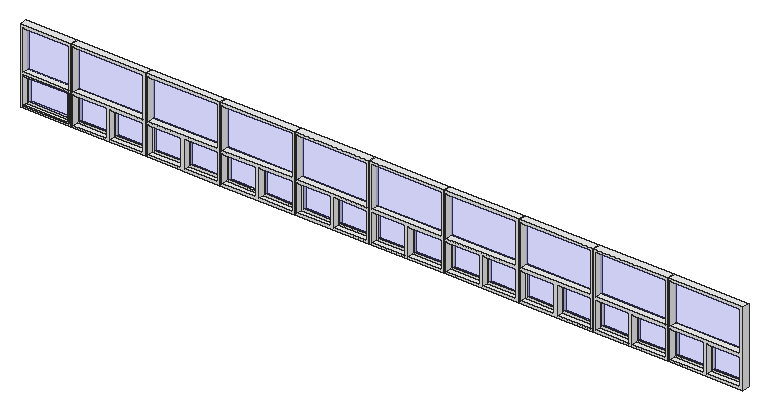
Revit family
Parameters
  창 두께 = 150 mm
  창 패널 = AW20 창 패널
  창 프레임 = AW20 창 프레임
  길이 1 = (Width - 1015 mm) / 9  # 1500 mm
  Height = 1500 mm
  절반 창 두께 = 창 두께 / 2  # 75 mm
  기본 씰 높이 = 900 mm
  Wall Closure = (empty or 0)
  Width = 14515 mm
Reference planes
  plane 1: y = 0
  plane 2 "중심(왼쪽/오른쪽)": x = 0
  plane 3 "왼쪽": x = -7257.5
  plane 4 "오른쪽": x = 7257.5
  plane 5 "씰": z = 900
  plane 6 "헤드": z = 2400
  plane 7 "외부": y = 100
  plane 8 "내부": y = -100
  plane 9: y = 75
  plane 10: y = -75
  plane 11: y = 35
  plane 12: x = -7212.5
  plane 13: x = 7212.5
  plane 14: x = -7202.5
  plane 15: x = 7202.5
  plane 16: z = 1500
  plane 17: z = 1490
  plane 18: z = 1545
  plane 19: y = 55
  plane 20: y = 66
  plane 21: y = 44
  plane 22: y = -11
  plane 23: y = 11
  plane 24: x = -4742.5
  plane 25: x = 5757.5
  plane 26: x = -4775
  plane 27: x = -4710
  plane 28: x = -4765
  plane 29: x = -4720
  plane 30: x = 5725
  plane 31: x = 5790
  plane 32: x = 5735
  plane 33: x = 5780
  plane 34: x = 6507.5
  plane 35: x = -6242.5
  plane 36: x = -6275
  plane 37: x = -6210
  plane 38: x = -6265
  plane 39: x = -6220
  plane 40: x = 6475
  plane 41: x = 6540
  plane 42: x = 6485
  plane 43: x = 6530
  plane 44: x = 6882.5
  plane 45: x = 6132.5
  plane 46: x = -5492.5
  plane 47: x = -6750
  plane 48: x = -3242.5
  plane 49: x = 4257.5
  plane 50: x = -3992.5
  plane 51: x = 5007.5
  plane 52: x = -4025
  plane 53: x = -3960
  plane 54: x = -4015
  plane 55: x = -3970
  plane 56: x = -3275
  plane 57: x = -3210
  plane 58: x = -3265
  plane 59: x = -3220
  plane 60: x = 4225
  plane 61: x = 4290
  plane 62: x = 4235
  plane 63: x = 4280
  plane 64: x = 4975
  plane 65: x = 5040
  plane 66: x = 4985
  plane 67: x = 5030
  plane 68: x = 5382.5
  plane 69: x = 4632.5
  plane 70: x = -3617.5
  plane 71: x = -4367.5
  plane 72: x = -1742.5
  plane 73: x = -242.5
  plane 74: x = 1257.5
  plane 75: x = 2757.5
  plane 76: x = -2492.5
  plane 77: x = -992.5
  plane 78: x = 507.5
  plane 79: x = 2007.5
  plane 80: x = 3507.5
  plane 81: x = -2525
  plane 82: x = -2460
  plane 83: x = -2515
  plane 84: x = -2470
  plane 85: x = -1775
  plane 86: x = -1710
  plane 87: x = -1765
  plane 88: x = -1720
  plane 89: x = -1025
  plane 90: x = -960
  plane 91: x = -1015
  plane 92: x = -970
  plane 93: x = -275
  plane 94: x = -210
  plane 95: x = -265
  plane 96: x = -220
  plane 97: x = 540
  plane 98: x = 475
  plane 99: x = 485
  plane 100: x = 530
  plane 101: x = 1225
  plane 102: x = 1290
  plane 103: x = 1235
  plane 104: x = 1280
  plane 105: x = 1975
  plane 106: x = 2040
  plane 107: x = 1985
  plane 108: x = 2030
  plane 109: x = 2725
  plane 110: x = 2790
  plane 111: x = 2735
  plane 112: x = 2780
  plane 113: x = 3475
  plane 114: x = 3540
  plane 115: x = 3485
  plane 116: x = 3530
  plane 117: x = 3882.5
  plane 118: x = 3132.5
  plane 119: x = 2382.5
  plane 120: x = 1632.5
  plane 121: x = 882.5
  plane 122: x = 132.5
  plane 123: x = -617.5
  plane 124: x = -1367.5
  plane 125: x = -2117.5
  plane 126: x = -2867.5
  plane 127: x = -5525
  plane 128: x = -5460
  plane 129: x = -5515
  plane 130: x = -5470
Lines and regions (mm)
  symbolic lines, style "입면도 스윙"
    curve 1: line (22.5, 75, 945) -> (-32.5, 75, 945)
  symbolic lines
    curve 2: line (-7257.5, 100, 0) -> (-7257.5, -100, 0)
    curve 3: line (7257.5, 100, 0) -> (7257.5, -100, 0)
    curve 4: line (-7257.5, 75, 0) -> (7257.5, 75, 0)
    curve 5: line (-7257.5, -75, 0) -> (7257.5, -75, 0)
    curve 6: line (-7257.5, 0, 0) -> (-6287.5, 0, 0)
    curve 7: line (-6287.5, 75, 0) -> (-6287.5, -75, 0)
    curve 8: line (-6197.5, 75, 0) -> (-6197.5, -75, 0)
    curve 9: line (-6197.5, 0, 0) -> (-4787.5, 0, 0)
    curve 10: line (-4787.5, 75, 0) -> (-4787.5, -75, 0)
    curve 11: line (-4697.5, 75, 0) -> (-4697.5, -75, 0)
    curve 12: line (-4697.5, 0, 0) -> (-3287.5, 0, 0)
    curve 13: line (-3287.5, 75, 0) -> (-3287.5, -75, 0)
    curve 14: line (-3197.5, 75, 0) -> (-3197.5, -75, 0)
    curve 15: line (-3197.5, 0, 0) -> (-1787.5, 0, 0)
    curve 16: line (-1787.5, 75, 0) -> (-1787.5, -75, 0)
    curve 17: line (-1697.5, 75, 0) -> (-1697.5, -75, 0)
    curve 18: line (-1697.5, 0, 0) -> (-287.5, 0, 0)
    curve 19: line (-287.5, 75, 0) -> (-287.5, -75, 0)
    curve 20: line (-197.5, 75, 0) -> (-197.5, -75, 0)
    curve 21: line (-197.5, 0, 0) -> (1212.5, 0, 0)
    curve 22: line (1212.5, 75, 0) -> (1212.5, -75, 0)
    curve 23: line (1302.5, 75, 0) -> (1302.5, -75, 0)
    curve 24: line (1302.5, 0, 0) -> (2712.5, 0, 0)
    curve 25: line (2712.5, 75, 0) -> (2712.5, -75, 0)
    curve 26: line (2802.5, 75, 0) -> (2802.5, -75, 0)
    curve 27: line (2802.5, 0, 0) -> (4212.5, 0, 0)
    curve 28: line (4212.5, 75, 0) -> (4212.5, -75, 0)
    curve 29: line (4302.5, 75, 0) -> (4302.5, -75, 0)
    curve 30: line (4302.5, 0, 0) -> (5712.5, 0, 0)
    curve 31: line (5712.5, 75, 0) -> (5712.5, -75, 0)
    curve 32: line (5802.5, 75, 0) -> (5802.5, -75, 0)
    curve 33: line (5802.5, 0, 0) -> (7257.5, 0, 0)
Text (mm)
  text "외부" at (-1963.203, 1332.353, 0), in view "참조 레벨"
  text "내부" at (-1981.466, -818.386, 0), in view "참조 레벨"
  text "외부" at (0, 923.751, 2943.296), in view "오른쪽"
  text "외부" at (0, 1040.484, 2685.409), in view "왼쪽"
Dimensions and locks
  equal spacing: plane 3 "왼쪽", plane 2 "중심(왼쪽/오른쪽)", plane 4 "오른쪽"
  "Width": plane 3 "왼쪽" to plane 4 "오른쪽"
  "Height": plane 5 "씰" to plane 6 "헤드"
  "기본 씰 높이": plane 5 "씰" to level
  locked: plane 7 "외부" to host wall at 0
  locked: plane 8 "내부" to host wall
  plane 17 to plane 16 to plane 18 = 10 mm locked, 45 mm locked
  plane 9 to plane 19 to plane 11 = 20 mm locked, 20 mm locked
  plane 20 to plane 19 to plane 21 = 11 mm locked, 11 mm locked
  plane 23 to host wall to plane 22 = 11 mm locked, 11 mm locked
  plane 3 "왼쪽" to plane 12 to plane 14 = 45 mm locked, 10 mm locked
  plane 15 to plane 13 to plane 4 "오른쪽" = 10 mm locked, 45 mm locked
  locked: plane 5 "씰" to plane 16 at 600
  plane 26 to plane 28 to plane 24 to plane 29 to plane 27 = 10 mm locked, 22.5 mm locked, 22.5 mm locked, 10 mm locked
  plane 30 to plane 32 to plane 25 to plane 33 to plane 31 = 10 mm locked, 22.5 mm locked, 22.5 mm locked, 10 mm locked
  equal spacing: plane 25, plane 34, plane 4 "오른쪽"
  plane 36 to plane 38 to plane 35 to plane 39 to plane 37 = 10 mm locked, 22.5 mm locked, 22.5 mm locked, 10 mm locked
  plane 40 to plane 42 to plane 34 to plane 43 to plane 41 = 10 mm locked, 22.5 mm locked, 22.5 mm locked, 10 mm locked
  equal spacing: plane 34, plane 44, plane 4 "오른쪽"
  equal spacing: plane 34, plane 45, plane 25
  equal spacing: plane 35, plane 46, plane 24
  equal spacing: plane 35, plane 47, plane 3 "왼쪽"
  plane 52 to plane 54 to plane 50 to plane 55 to plane 53 = 10 mm locked, 22.5 mm locked, 22.5 mm locked, 10 mm locked
  plane 56 to plane 58 to plane 48 to plane 59 to plane 57 = 10 mm locked, 22.5 mm locked, 22.5 mm locked, 10 mm locked
  plane 60 to plane 62 to plane 49 to plane 63 to plane 61 = 10 mm locked, 22.5 mm locked, 22.5 mm locked, 10 mm locked
  plane 64 to plane 66 to plane 51 to plane 67 to plane 65 = 10 mm locked, 22.5 mm locked, 22.5 mm locked, 10 mm locked
  equal spacing: plane 51, plane 68, plane 25
  equal spacing: plane 49, plane 69, plane 51
  equal spacing: plane 50, plane 70, plane 48
  equal spacing: plane 24, plane 71, plane 50
  equal spacing: plane 49, plane 51, plane 25
  equal spacing: plane 24, plane 50, plane 48
  equal spacing: plane 48, plane 76, plane 72
  equal spacing: plane 72, plane 77, plane 73
  equal spacing: plane 73, plane 78, plane 74
  equal spacing: plane 74, plane 79, plane 75
  equal spacing: plane 75, plane 80, plane 49
  plane 81 to plane 83 to plane 76 to plane 84 to plane 82 = 10 mm locked, 22.5 mm locked, 22.5 mm locked, 10 mm locked
  plane 85 to plane 87 to plane 72 to plane 88 to plane 86 = 10 mm locked, 22.5 mm locked, 22.5 mm locked, 10 mm locked
  plane 89 to plane 91 to plane 77 to plane 92 to plane 90 = 10 mm locked, 22.5 mm locked, 22.5 mm locked, 10 mm locked
  plane 93 to plane 95 to plane 73 to plane 96 to plane 94 = 10 mm locked, 22.5 mm locked, 22.5 mm locked, 10 mm locked
  plane 98 to plane 99 to plane 78 to plane 100 to plane 97 = 10 mm locked, 22.5 mm locked, 22.5 mm locked, 10 mm locked
  plane 101 to plane 103 to plane 74 to plane 104 to plane 102 = 10 mm locked, 22.5 mm locked, 22.5 mm locked, 10 mm locked
  plane 105 to plane 107 to plane 79 to plane 108 to plane 106 = 10 mm locked, 22.5 mm locked, 22.5 mm locked, 10 mm locked
  plane 109 to plane 111 to plane 75 to plane 112 to plane 110 = 10 mm locked, 22.5 mm locked, 22.5 mm locked, 10 mm locked
  plane 113 to plane 115 to plane 80 to plane 116 to plane 114 = 10 mm locked, 22.5 mm locked, 22.5 mm locked, 10 mm locked
  equal spacing: plane 80, plane 117, plane 49
  equal spacing: plane 75, plane 118, plane 80
  equal spacing: plane 79, plane 119, plane 75
  equal spacing: plane 74, plane 120, plane 79
  equal spacing: plane 78, plane 121, plane 74
  equal spacing: plane 73, plane 122, plane 78
  equal spacing: plane 77, plane 123, plane 73
  equal spacing: plane 72, plane 124, plane 77
  equal spacing: plane 76, plane 125, plane 72
  equal spacing: plane 48, plane 126, plane 76
  plane 25 to plane 4 "오른쪽" = 1500 mm
  plane 49 to plane 25 = 1500 mm
  plane 75 to plane 49 = 1500 mm
  plane 74 to plane 75 = 1500 mm
  plane 73 to plane 74 = 1500 mm
  plane 72 to plane 73 = 1500 mm
  plane 48 to plane 72 = 1500 mm
  plane 24 to plane 48 = 1500 mm
  plane 35 to plane 24 = 1500 mm
  plane 3 "왼쪽" to plane 35 = 1015 mm
  plane 3 "왼쪽" to plane 35 to plane 46 to plane 24 to plane 50 to plane 48 to plane 76 to plane 72 to plane 77 to plane 73 to plane 78 to plane 74 to plane 79 to plane 75 to plane 80 to plane 49 to plane 51 to plane 25 to plane 34 to plane 4 "오른쪽" = 1015 mm, 750 mm, 750 mm, 750 mm, 750 mm, 750 mm, 750 mm, 750 mm, 750 mm, 750 mm, 750 mm, 750 mm, 750 mm, 750 mm, 750 mm, 750 mm, 750 mm, 750 mm, 750 mm
  plane 127 to plane 129 to plane 46 to plane 130 to plane 128 = 10 mm locked, 22.5 mm locked, 22.5 mm locked, 10 mm locked
  "절반 창 두께": plane 9 to host wall
  "절반 창 두께": host wall to plane 10
  aligned and locked: plane 5 "씰" to nested 1
  aligned and locked: nested 1 to nested 2
  aligned and locked: plane 5 "씰" to nested 2
  aligned and locked: nested 2 to nested 3
  aligned and locked: plane 5 "씰" to nested 3
  aligned and locked: nested 3 to nested 4
  aligned and locked: nested 4 to plane 5 "씰"
  aligned and locked: nested 4 to nested 5
  aligned and locked: nested 5 to plane 5 "씰"
  aligned and locked: nested 6 to plane 5 "씰"
  aligned and locked: nested 5 to nested 6
  aligned and locked: nested 7 to plane 5 "씰"
  aligned and locked: nested 6 to nested 7
  aligned and locked: nested 7 to nested 8
  aligned and locked: nested 8 to plane 5 "씰"
  aligned and locked: nested 9 to plane 5 "씰"
  aligned and locked: nested 8 to nested 9
  aligned and locked: nested 10 to plane 5 "씰"
  aligned and locked: nested 9 to nested 10
  aligned and locked: curve 2 to plane 7 "외부"
  aligned and locked: curve 2 to plane 8 "내부"
  aligned and locked: curve 2 to nested 10
  aligned and locked: plane 7 "외부" to curve 3
  aligned and locked: plane 8 "내부" to curve 3
  aligned and locked: curve 3 to nested 1
  aligned and locked: nested 10 to curve 4
  aligned and locked: nested 10 to curve 6
  aligned and locked: host wall to curve 6
  aligned and locked: plane 9 to curve 7
  aligned and locked: plane 10 to curve 7
  aligned and locked: nested 10 to curve 7
  aligned and locked: plane 9 to curve 8
  aligned and locked: plane 10 to curve 8
  aligned and locked: nested 9 to curve 8
  aligned and locked: curve 8 to curve 9
  aligned and locked: nested 9 to curve 9
  aligned and locked: host wall to curve 9
  aligned and locked: nested 9 to curve 10
  aligned and locked: nested 8 to curve 11
  aligned and locked: curve 11 to curve 12
  aligned and locked: nested 8 to curve 12
  aligned and locked: host wall to curve 12
  aligned and locked: nested 8 to curve 13
  aligned and locked: nested 7 to curve 14
  aligned and locked: curve 14 to curve 15
  aligned and locked: nested 7 to curve 15
  aligned and locked: host wall to curve 15
  aligned and locked: nested 7 to curve 16
  aligned and locked: nested 6 to curve 17
  aligned and locked: curve 17 to curve 18
  aligned and locked: nested 6 to curve 18
  aligned and locked: host wall to curve 18
  aligned and locked: nested 6 to curve 19
  aligned and locked: nested 5 to curve 20
  aligned and locked: curve 20 to curve 21
  aligned and locked: host wall to curve 21
  aligned and locked: nested 5 to curve 21
  aligned and locked: nested 5 to curve 22
  aligned and locked: nested 4 to curve 23
  aligned and locked: curve 23 to curve 24
  aligned and locked: nested 4 to curve 24
  aligned and locked: host wall to curve 24
  aligned and locked: nested 4 to curve 25
  aligned and locked: nested 3 to curve 26
  aligned and locked: curve 26 to curve 27
  aligned and locked: nested 3 to curve 27
  aligned and locked: host wall to curve 27
  aligned and locked: nested 3 to curve 28
  aligned and locked: nested 2 to curve 29
  aligned and locked: curve 29 to curve 30
  aligned and locked: nested 2 to curve 30
  aligned and locked: host wall to curve 30
  aligned and locked: nested 2 to curve 31
  aligned and locked: nested 1 to curve 32
  aligned and locked: curve 32 to curve 33
  aligned and locked: nested 1 to curve 33
  aligned and locked: host wall to curve 33
Automatic sketch dimensions
  plane 2 "중심(왼쪽/오른쪽)" to curve 1 = 22.5 mm
  curve 1 to plane 2 "중심(왼쪽/오른쪽)" = 32.5 mm
  curve 1 to plane 5 "씰" = 45 mm
Nested families
  nested 1: "AW9 2" at (6507.5, 0, 0) x (-1, 0, 0) z (0, 0, 1), type "AW9"
  nested 2: "AW9 2" at (5007.5, 0, 0) x (-1, 0, 0) z (0, 0, 1), type "AW9"
  nested 3: "AW9 2" at (3507.5, 0, 0) x (-1, 0, 0) z (0, 0, 1), type "AW9"
  nested 4: "AW9 2" at (2007.5, 0, 0) x (-1, 0, 0) z (0, 0, 1), type "AW9"
  nested 5: "AW9 2" at (507.5, 0, 0) x (-1, 0, 0) z (0, 0, 1), type "AW9"
  nested 6: "AW9 2" at (-992.5, 0, 0) x (-1, 0, 0) z (0, 0, 1), type "AW9"
  nested 7: "AW9 2" at (-2492.5, 0, 0) x (-1, 0, 0) z (0, 0, 1), type "AW9"
  nested 8: "AW9 2" at (-3992.5, 0, 0) x (-1, 0, 0) z (0, 0, 1), type "AW9"
  nested 9: "AW9 2" at (-5492.5, 0, 0) x (-1, 0, 0) z (0, 0, 1), type "AW9"
  nested 10: "창 단위" at (-6750, 0, 0) x (-1, 0, 0) z (0, 0, 1), type "AW9_11"
Definition of nested family "AW9 2"
  Parameters (values of type "AW9-1")
    창 두께 = 100 mm
    창 패널 = AW9 창 패널
    창 프레임 = AW9 창 프레임
    Height = 1500 mm
    절반 창 두께 = 창 두께 / 2  # 50 mm
    기본 씰 높이 = 900 mm
    Wall Closure = (empty or 0)
    Width = 1500 mm
    Assembly Code = ""
  Types (2, lengths in mm): name | 창 두께 | 창 패널 | 창 프레임 | 절반 창 두께
    AW9 | 150 | AW20 창 패널 | AW20 창 프레임 | 75
    AW9-1 | 100 | AW9 창 패널 | AW9 창 프레임 | 50
  Reference planes
    plane 1: y = 0
    plane 2 "중심(왼쪽/오른쪽)": x = 0
    plane 3 "왼쪽": x = -750
    plane 4 "오른쪽": x = 750
    plane 5 "씰": z = 900
    plane 6 "헤드": z = 2400
    plane 7 "외부": y = 100
    plane 8 "내부": y = -100
    plane 9: y = 50
    plane 10: y = -50
    plane 11: y = 10
    plane 12: x = -705
    plane 13: x = 705
    plane 14: x = -695
    plane 15: x = 695
    plane 16: z = 1500
    plane 17: z = 1490
    plane 18: z = 1545
    plane 19: y = 30
    plane 20: y = 41
    plane 21: y = 19
    plane 22: y = -11
    plane 23: y = 11
    plane 24: x = -22.5
    plane 25: x = 22.5
    plane 26: x = -32.5
    plane 27: x = 32.5
    plane 28: z = 2355
    plane 29: z = 945
    plane 30: x = 655
    plane 31: z = 1450
    plane 32: x = -655
    plane 33: z = 985
    plane 34: x = 72.5
    plane 35: x = -72.5
    plane 36: x = 368.75
    plane 37: x = -368.75
  Forms (mm)
    Extrusion 1, solid, material "AW9 창 프레임" <- "창 프레임"
      sketch origin (-2000, 50, 1000) x (-1, 0, 0) y (0, 0, 1)
        loop
          line (-2750, 1400) -> (-2750, -100) -> (-1250, -100) -> (-1250, 1400) -> (-2750, 1400)
        loop
          line (-2705, 1355) -> (-2705, 545) -> (-1295, 545) -> (-1295, 1355) -> (-2705, 1355)
        loop
          line (-2705, -55) -> (-2032.5, -55) -> (-2032.5, 490) -> (-2705, 490) -> (-2705, -55)
        loop
          line (-1295, -55) -> (-1295, 490) -> (-1967.5, 490) -> (-1967.5, -55) -> (-1295, -55)
      from -100 to 0
    Extrusion 2, solid, material "AW9 창 프레임" <- "창 프레임"
      sketch origin (-2000, 50, 1000) x (-1, 0, 0) y (0, 0, 1)
        loop
          line (-2705, 490) -> (-2705, -55) -> (-2032.5, -55) -> (-2032.5, 490) -> (-2705, 490)
        loop
          line (-1967.5, 490) -> (-1967.5, -55) -> (-1295, -55) -> (-1295, 490) -> (-1967.5, 490)
        loop
          line (-2655, 450) -> (-2655, -15) -> (-2072.5, -15) -> (-2072.5, 450) -> (-2655, 450)
        loop
          line (-1927.5, 450) -> (-1927.5, -15) -> (-1345, -15) -> (-1345, 450) -> (-1927.5, 450)
      from -40 to 0
    Extrusion 3, solid, material "AW9 창 패널" <- "창 패널"
      sketch origin (-2000, 50, 1000) x (-1, 0, 0) y (0, 0, 1)
        loop
          line (-2705, 1355) -> (-2705, 545) -> (-1295, 545) -> (-1295, 1355) -> (-2705, 1355)
        loop
          line (-2655, 450) -> (-2655, -15) -> (-2072.5, -15) -> (-2072.5, 450) -> (-2655, 450)
        loop
          line (-1927.5, 450) -> (-1927.5, -15) -> (-1345, -15) -> (-1345, 450) -> (-1927.5, 450)
      from -31 to -9
  Lines and regions (mm)
    Opening 1
      outline origin (3500, -100, 0) x (1, 0, 0) y (0, 0, 1)
        loop
          line (-2750, 900) -> (-2750, 2400) -> (-4250, 2400) -> (-4250, 900) -> (-2750, 900)
    symbolic lines, style "입면도 스윙"
      curve 1: line (368.75, 50, 1490) -> (705, 50, 945)
      curve 2: line (368.75, 50, 1490) -> (32.5, 50, 945)
      curve 3: line (-32.5, 50, 945) -> (-368.75, 50, 1490)
      curve 4: line (-368.75, 50, 1490) -> (-705, 50, 945)
  Text (mm)
    text "외부" at (-1963.203, 1332.353, 0), in view "참조 레벨"
    text "내부" at (-1981.466, -818.386, 0), in view "참조 레벨"
    text "외부" at (0, 923.751, 2943.296), in view "오른쪽"
    text "외부" at (0, 1040.484, 2685.409), in view "왼쪽"
  Dimensions and locks
    equal spacing: plane 3 "왼쪽", plane 2 "중심(왼쪽/오른쪽)", plane 4 "오른쪽"
    "Width": plane 3 "왼쪽" to plane 4 "오른쪽"
    "Height": plane 5 "씰" to plane 6 "헤드"
    locked: plane 7 "외부" to host wall at 0
    locked: plane 8 "내부" to host wall
    plane 17 to plane 16 to plane 18 = 10 mm locked, 45 mm locked
    plane 9 to plane 19 to plane 11 = 20 mm locked, 20 mm locked
    plane 20 to plane 19 to plane 21 = 11 mm locked, 11 mm locked
    plane 23 to host wall to plane 22 = 11 mm locked, 11 mm locked
    plane 3 "왼쪽" to plane 12 to plane 14 = 45 mm locked, 10 mm locked
    plane 15 to plane 13 to plane 4 "오른쪽" = 10 mm locked, 45 mm locked
    plane 24 to plane 2 "중심(왼쪽/오른쪽)" to plane 25 = 22.5 mm locked, 22.5 mm locked
    locked: plane 26 to plane 24 at 10
    locked: plane 25 to plane 27 at 10
    locked: plane 5 "씰" to plane 16 at 600
    "절반 창 두께": plane 9 to plane 1
    "절반 창 두께": plane 10 to plane 1
    "기본 씰 높이": level to plane 5 "씰"
    locked: plane 28 to plane 6 "헤드" at 45
    locked: plane 5 "씰" to plane 29 at 45
    locked: plane 30 to plane 15 at 40
    locked: plane 31 to plane 17 at 40
    locked: plane 14 to plane 32 at 40
    locked: plane 29 to plane 33 at 40
    locked: plane 34 to plane 27 at 40
    locked: plane 26 to plane 35 at 40
    equal spacing: plane 27, plane 36, plane 13
    equal spacing: plane 26, plane 37, plane 12
    aligned and locked: plane 6 "헤드" to Extrusion 1 sketch curve
    aligned and locked: plane 4 "오른쪽" to Extrusion 1 sketch curve
    aligned and locked: Extrusion 1 sketch curve to plane 5 "씰"
    aligned and locked: Extrusion 1 sketch curve to plane 3 "왼쪽"
    aligned and locked: Extrusion 1 sketch curve to plane 28
    aligned and locked: plane 13 to Extrusion 1 sketch curve  (x2)
    aligned and locked: plane 29 to Extrusion 1 sketch curve  (x2)
    aligned and locked: Extrusion 1 sketch curve to plane 12
    aligned and locked: plane 18 to Extrusion 1 sketch curve
    aligned and locked: plane 12 to Extrusion 1 sketch curve
    aligned and locked: plane 17 to Extrusion 1 sketch curve  (x2)
    aligned and locked: plane 27 to Extrusion 1 sketch curve
    aligned and locked: plane 26 to Extrusion 1 sketch curve
    aligned and locked: Extrusion 1 to plane 10
    aligned and locked: plane 9 to Extrusion 1
    aligned and locked: plane 17 to Extrusion 2 sketch curve  (x2)
    aligned and locked: plane 13 to Extrusion 2 sketch curve
    aligned and locked: plane 29 to Extrusion 2 sketch curve  (x2)
    aligned and locked: plane 27 to Extrusion 2 sketch curve
    aligned and locked: Extrusion 2 sketch curve to plane 31  (x2)
    aligned and locked: plane 30 to Extrusion 2 sketch curve
    aligned and locked: plane 33 to Extrusion 2 sketch curve  (x2)
    aligned and locked: Extrusion 2 sketch curve to plane 34
    aligned and locked: Extrusion 2 sketch curve to plane 26
    aligned and locked: Extrusion 2 sketch curve to plane 12
    aligned and locked: plane 35 to Extrusion 2 sketch curve
    aligned and locked: Extrusion 2 sketch curve to plane 32
    aligned and locked: Extrusion 2 to plane 9
    aligned and locked: Extrusion 2 to plane 11
    aligned and locked: Extrusion 3 sketch curve to plane 28
    aligned and locked: plane 13 to Extrusion 3 sketch curve
    aligned and locked: Extrusion 3 sketch curve to plane 18
    aligned and locked: Extrusion 3 sketch curve to plane 12
    aligned and locked: Extrusion 3 sketch curve to plane 31  (x2)
    aligned and locked: plane 30 to Extrusion 3 sketch curve
    aligned and locked: plane 33 to Extrusion 3 sketch curve  (x2)
    aligned and locked: Extrusion 3 sketch curve to plane 34
    aligned and locked: plane 35 to Extrusion 3 sketch curve
    aligned and locked: Extrusion 3 sketch curve to plane 32
    aligned and locked: Extrusion 3 to plane 21
    aligned and locked: plane 20 to Extrusion 3
    aligned and locked: plane 36 to curve 1
    aligned and locked: plane 29 to curve 1
    aligned and locked: plane 13 to curve 1
    aligned and locked: plane 17 to curve 2
    aligned and locked: plane 27 to curve 2
    aligned and locked: plane 29 to curve 2
    aligned and locked: plane 17 to curve 3
    aligned and locked: plane 37 to curve 3
    aligned and locked: plane 29 to curve 3
    aligned and locked: plane 26 to curve 3
    aligned and locked: plane 29 to curve 4
    aligned and locked: plane 12 to curve 4
  Automatic sketch dimensions
    Opening 1 sketch curve to plane 3 "왼쪽" = 0 mm
    Opening 1 sketch curve to plane 4 "오른쪽" = 0 mm
    Opening 1 sketch curve to plane 5 "씰" = 0 mm
    Opening 1 sketch curve to plane 6 "헤드" = 0 mm
    Extrusion 1 sketch curve to plane 17 = 0 mm
    Extrusion 1 sketch curve to plane 29 = 0 mm
Definition of nested family "창 단위"
  Parameters (values of type "AW9_11")
    창 두께 = 150 mm
    창 패널 = AW20 창 패널
    창 프레임 = AW20 창 프레임
    Height = 1500 mm
    절반 창 두께 = 창 두께 / 2  # 75 mm
    기본 씰 높이 = 900 mm
    Wall Closure = (empty or 0)
    Width = 1015 mm
    Assembly Code = ""
  Reference planes
    plane 1: y = 0
    plane 2 "중심(왼쪽/오른쪽)": x = 0
    plane 3 "왼쪽": x = -507.5
    plane 4 "오른쪽": x = 507.5
    plane 5 "씰": z = 900
    plane 6 "헤드": z = 2400
    plane 7 "외부": y = 100
    plane 8 "내부": y = -100
    plane 9: y = 75
    plane 10: y = -75
    plane 11: y = 35
    plane 12: x = -462.5
    plane 13: x = 462.5
    plane 14: x = -452.5
    plane 15: x = 452.5
    plane 16: z = 1500
    plane 17: z = 1490
    plane 18: z = 1545
    plane 19: y = 55
    plane 20: y = 66
    plane 21: y = 44
    plane 22: y = -11
    plane 23: y = 11
    plane 24: x = -22.5
    plane 25: x = 22.5
    plane 26: x = -32.5
    plane 27: x = 32.5
    plane 28: z = 2355
    plane 29: z = 945
    plane 30: x = 412.5
    plane 31: z = 1450
    plane 32: x = -412.5
    plane 33: z = 985
    plane 34: x = 72.5
    plane 35: x = -72.5
    plane 36: x = 247.5
    plane 37: x = -247.5
    plane 38: z = 955
  Forms (mm)
    Extrusion 1, solid, material "AW20 창 프레임" <- "창 프레임"
      sketch origin (-2000, 75, 1000) x (-1, 0, 0) y (0, 0, 1)
        loop
          line (-2507.5, 1400) -> (-2507.5, -100) -> (-1492.5, -100) -> (-1492.5, 1400) -> (-2507.5, 1400)
        loop
          line (-2462.5, 1355) -> (-2462.5, 545) -> (-1537.5, 545) -> (-1537.5, 1355) -> (-2462.5, 1355)
        loop
          line (-2462.5, -55) -> (-1537.5, -55) -> (-1537.5, 500) -> (-2462.5, 500) -> (-2462.5, -55)
      from -150 to 0
    Extrusion 2, solid, material "AW20 창 패널" <- "창 패널"
      sketch origin (-2000, 75, 1000) x (-1, 0, 0) y (0, 0, 1)
        loop
          line (-2462.5, 1355) -> (-2462.5, 545) -> (-1537.5, 545) -> (-1537.5, 1355) -> (-2462.5, 1355)
        loop
          line (-2462.5, 500) -> (-2462.5, -55) -> (-1537.5, -55) -> (-1537.5, 500) -> (-2462.5, 500)
      from -31 to -9
    Extrusion 3, solid, material "AW20 창 프레임" <- "창 프레임"
      sketch origin (-2000, 75, 1000) x (-1, 0, 0) y (0, 0, 1)
        loop
          line (-2412.5, 450) -> (-2412.5, -15) -> (-1587.5, -15) -> (-1587.5, 450) -> (-2412.5, 450)
        loop
          line (-2462.5, 500) -> (-2462.5, -55) -> (-1537.5, -55) -> (-1537.5, 500) -> (-2462.5, 500)
      from -64 to 0
    Extrusion 4, solid, material "AW20 창 프레임" <- "창 프레임"
      sketch origin (-2000, 75, 1000) x (-1, 0, 0) y (0, 0, 1)
        loop
          line (-2462.5, 500) -> (-2462.5, -55) -> (-1537.5, -55) -> (-1537.5, 500) -> (-2462.5, 500)
        loop
          line (-2452.5, 490) -> (-2452.5, -45) -> (-1547.5, -45) -> (-1547.5, 490) -> (-2452.5, 490)
      from -64 to -150
  Lines and regions (mm)
    Opening 1
      outline origin (3500, -100, 0) x (1, 0, 0) y (0, 0, 1)
        loop
          line (-2992.5, 900) -> (-2992.5, 2400) -> (-4007.5, 2400) -> (-4007.5, 900) -> (-2992.5, 900)
    symbolic lines, style "입면도 스윙"
      curve 1: line (462.5, 75, 945) -> (0, 75, 1500)
      curve 2: line (0, 75, 1500) -> (-462.5, 75, 945)
  Text (mm)
    text "외부" at (-1963.203, 1332.353, 0), in view "참조 레벨"
    text "내부" at (-1981.466, -818.386, 0), in view "참조 레벨"
    text "외부" at (0, 923.751, 2943.296), in view "오른쪽"
    text "외부" at (0, 1040.484, 2685.409), in view "왼쪽"
  Dimensions and locks
    equal spacing: plane 3 "왼쪽", plane 2 "중심(왼쪽/오른쪽)", plane 4 "오른쪽"
    "Width": plane 3 "왼쪽" to plane 4 "오른쪽"
    "Height": plane 5 "씰" to plane 6 "헤드"
    locked: plane 7 "외부" to host wall at 0
    locked: plane 8 "내부" to host wall
    plane 17 to plane 16 to plane 18 = 10 mm locked, 45 mm locked
    plane 9 to plane 19 to plane 11 = 20 mm locked, 20 mm locked
    plane 20 to plane 19 to plane 21 = 11 mm locked, 11 mm locked
    plane 23 to host wall to plane 22 = 11 mm locked, 11 mm locked
    plane 3 "왼쪽" to plane 12 to plane 14 = 45 mm locked, 10 mm locked
    plane 15 to plane 13 to plane 4 "오른쪽" = 10 mm locked, 45 mm locked
    plane 24 to plane 2 "중심(왼쪽/오른쪽)" to plane 25 = 22.5 mm locked, 22.5 mm locked
    locked: plane 26 to plane 24 at 10
    locked: plane 25 to plane 27 at 10
    locked: plane 5 "씰" to plane 16 at 600
    "절반 창 두께": plane 9 to plane 1
    "절반 창 두께": plane 10 to plane 1
    "기본 씰 높이": level to plane 5 "씰"
    locked: plane 28 to plane 6 "헤드" at 45
    locked: plane 5 "씰" to plane 29 at 45
    locked: plane 30 to plane 15 at 40
    locked: plane 31 to plane 17 at 40
    locked: plane 14 to plane 32 at 40
    locked: plane 29 to plane 33 at 40
    locked: plane 34 to plane 27 at 40
    locked: plane 26 to plane 35 at 40
    equal spacing: plane 27, plane 36, plane 13
    equal spacing: plane 26, plane 37, plane 12
    locked: plane 29 to plane 38 at 10
    aligned and locked: plane 6 "헤드" to Extrusion 1 sketch curve
    aligned and locked: plane 4 "오른쪽" to Extrusion 1 sketch curve
    aligned and locked: Extrusion 1 sketch curve to plane 5 "씰"
    aligned and locked: Extrusion 1 sketch curve to plane 3 "왼쪽"
    aligned and locked: Extrusion 1 sketch curve to plane 28
    aligned and locked: Extrusion 1 sketch curve to plane 12
    aligned and locked: plane 13 to Extrusion 1 sketch curve  (x3)
    aligned and locked: plane 18 to Extrusion 1 sketch curve
    aligned and locked: Extrusion 1 to plane 10
    aligned and locked: plane 9 to Extrusion 1
    aligned and locked: plane 12 to Extrusion 1 sketch curve  (x2)
    aligned and locked: Extrusion 1 sketch curve to plane 29
    aligned and locked: plane 13 to Extrusion 2 sketch curve  (x2)
    aligned and locked: Extrusion 2 sketch curve to plane 28
    aligned and locked: Extrusion 2 sketch curve to plane 12  (x2)
    aligned and locked: Extrusion 2 sketch curve to plane 18
    aligned and locked: plane 29 to Extrusion 2 sketch curve
    aligned and locked: Extrusion 2 to plane 21
    aligned and locked: plane 20 to Extrusion 2
    aligned and locked: plane 33 to Extrusion 3 sketch curve
    aligned and locked: Extrusion 3 sketch curve to plane 32
    aligned and locked: Extrusion 3 sketch curve to plane 31
    aligned and locked: plane 30 to Extrusion 3 sketch curve
    aligned and locked: plane 16 to Extrusion 3 sketch curve
    aligned and locked: plane 13 to Extrusion 3 sketch curve
    aligned and locked: plane 29 to Extrusion 3 sketch curve
    aligned and locked: Extrusion 3 sketch curve to plane 12
    aligned and locked: plane 16 to Extrusion 1 sketch curve
    aligned and locked: plane 16 to Extrusion 2 sketch curve
    aligned and locked: Extrusion 3 to plane 23
    aligned and locked: plane 9 to Extrusion 3
    aligned and locked: plane 16 to Extrusion 4 sketch curve
    aligned and locked: plane 13 to Extrusion 4 sketch curve
    aligned and locked: plane 29 to Extrusion 4 sketch curve
    aligned and locked: Extrusion 4 sketch curve to plane 12
    aligned and locked: Extrusion 4 sketch curve to plane 14
    aligned and locked: plane 17 to Extrusion 4 sketch curve
    aligned and locked: plane 15 to Extrusion 4 sketch curve
    aligned and locked: plane 38 to Extrusion 4 sketch curve
    aligned and locked: Extrusion 4 to plane 23
    aligned and locked: Extrusion 4 to plane 10
    aligned and locked: plane 29 to curve 1
    aligned and locked: plane 13 to curve 1
    aligned and locked: plane 12 to curve 2
    aligned and locked: plane 29 to curve 2
    aligned and locked: plane 2 "중심(왼쪽/오른쪽)" to curve 2
    aligned and locked: plane 16 to curve 2
  Automatic sketch dimensions
    Opening 1 sketch curve to plane 3 "왼쪽" = 0 mm
    Opening 1 sketch curve to plane 4 "오른쪽" = 0 mm
    Opening 1 sketch curve to plane 5 "씰" = 0 mm
    Opening 1 sketch curve to plane 6 "헤드" = 0 mm
